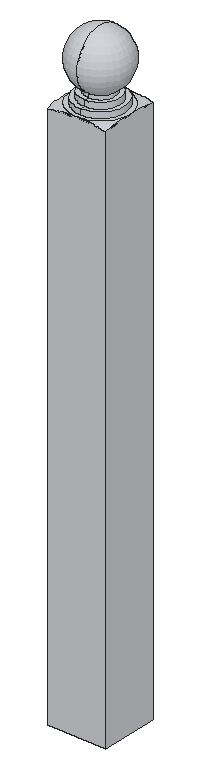
Revit family
Parameters (values of type "100mm")
  w1 = Width / 2  # 50 mm
  t1 = Width + w1  # 150 mm
  built-in parameter 1008623 [instance] = (empty or 0)
  built-in parameter 1008625 [instance] = (empty or 0)
  Post Material = none
  Width = 100 mm
  Post = yes
  built-in parameter 1008624 [instance] = (empty or 0)
  built-in parameter 1008622 [instance] = 915 mm
Types (5, lengths in mm): name | w1 | t1 | Width
  (no name) | 50 | 150 | 100
  30mm | 15 | 45 | 30
  60mm | 30 | 90 | 60
  100mm | 50 | 150 | 100
  150mm | 75 | 225 | 150
Reference planes
  plane 1 "Center (Front/Back)": y = 0
  plane 2: z = 0
  plane 3 "Center (Left/Right)": x = 0
  plane 4 "Top": z = 915
  plane 5 "Top of Post": z = 1065
  plane 6: z = 945.95
  plane 7: x = -50
  plane 8: x = 50
  plane 9: y = -50
  plane 10: y = 50
  plane 11: z = 1015
  plane 12: y = 25
  plane 13: y = 33.333
  plane 14: y = 41.667
  plane 15: z = 965
Forms (mm)
  Extrusion 1, solid, material <- "Post Material"
    sketch origin (0, 0, 0) x (1, 0, 0) y (0, 1, 0)
      loop
        line (-50, 50) -> (-50, -50) -> (50, -50) -> (50, 50) -> (-50, 50)
    from 0 to 945.95
  Revolve 2, solid, material <- "Post Material"
    sketch origin (0, 0, 0) x (0, 1, 0) y (0, 0, 1)
      loop
        line (0, 1065) -> (0, 945.95) -> (41.667, 945.95) -> (41.667, 955.475) -> (33.333, 955.475) -> (33.333, 965) -> (25, 965) -> (25, 971.699)
        arc (25, 971.699) -> (48.296, 1027.941) -> (0, 1065) r 50
      axis (0, 1065) -> (0, 945.95)
    angle from 0 to 360
  Revolve 3, void
    sketch origin (0, 0, 0) x (0, 1, 0) y (0, 0, 1)
      loop
        arc (50, 945.95) -> (69.745, 942.262) -> (88.1, 934.106) r 86.22
        line (88.1, 934.106) -> (88.1, 945.95) -> (50, 945.95)
      axis (0, 945.95) -> (0, 934.106)
    angle from 0 to 360
Cuts and joins
  Revolve 3 cuts Extrusion 1
  Revolve 3 cuts Revolve 2
Dimensions and locks
  "built-in parameter 1008622": plane 2 to plane 4 "Top"
  Extrusion 1 sketch curve to plane 3 "Center (Left/Right)" to Extrusion 1 sketch curve = 50 mm, 50 mm
  Extrusion 1 sketch curve to plane 1 "Center (Front/Back)" to Extrusion 1 sketch curve = 50 mm, 50 mm
  "Width": Extrusion 1 sketch curve to Extrusion 1 sketch curve  (x2)
  "Width": plane 7 to plane 8
  "Width": plane 9 to plane 10
  plane 9 to plane 1 "Center (Front/Back)" to plane 10 = 50 mm, 50 mm
  plane 7 to plane 3 "Center (Left/Right)" to plane 8 = 50 mm, 50 mm
  "w1": plane 11 to plane 5 "Top of Post"
  plane 10 to plane 12 to plane 1 "Center (Front/Back)" = 25 mm, 25 mm
  plane 10 to plane 14 to plane 13 to plane 12 = 8.333 mm, 8.333 mm, 8.333 mm
  plane 15 to plane 6 = 19.05 mm
  "Width": plane 5 "Top of Post" to plane 15
  "t1": plane 4 "Top" to plane 5 "Top of Post"
  Revolve 3 sketch curve to plane 10 = 38.1 mm
  "w1": radius of Revolve 2 sketch curve
  aligned: Extrusion 1 to level
  aligned: plane 6 to Extrusion 1
  aligned: plane 15 to Revolve 2 sketch curve
  aligned: Revolve 3 sketch curve to plane 6
Automatic sketch dimensions
  Revolve 2 sketch curve to plane 1 "Center (Front/Back)" = 0 mm  (x2)
  Revolve 2 sketch curve to plane 12 = 0 mm
  Revolve 2 sketch curve to plane 13 = 0 mm
  Revolve 2 sketch curve to plane 14 = 0 mm
  Revolve 2 sketch curve to plane 6 = 0 mm  (x2)
  Revolve 2 sketch curve to plane 11 = 0 mm
  Revolve 2 sketch curve to plane 6 = 45.446 mm
  Revolve 2 sketch curve to Revolve 2 sketch curve = 9.525 mm
  Revolve 3 sketch curve to plane 1 "Center (Front/Back)" = 0 mm
  Revolve 3 sketch curve to plane 10 = 0 mm
  Revolve 3 sketch curve to plane 6 = 0 mm
  plane 10 to Revolve 3 sketch curve = 5.851 mm
  Revolve 3 sketch curve to Revolve 3 sketch curve = 11.844 mm
  Revolve 3 sketch curve to Revolve 3 sketch curve = 40.287 mm
